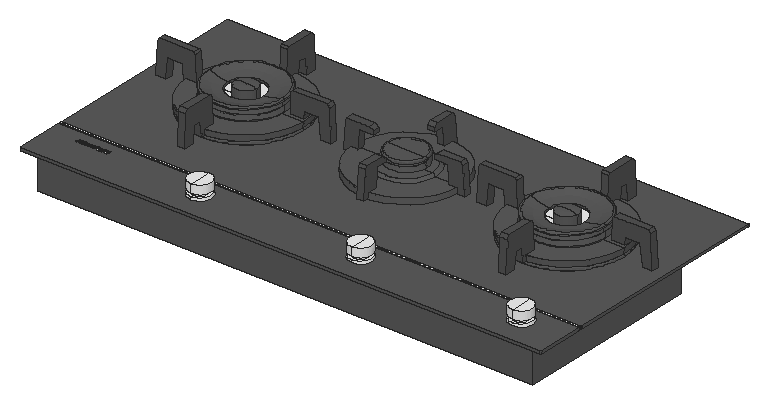
Revit family "Fisher & Paykel 90cm Gas on Glass Cooktop CG903DNGGB1", category Electrical Equipment, host Face, Revit 2013
Parameters (values of type "Fisher & Paykel 90cm Gas on Glass Cooktop CG903DNGGB1")
  Width [instance] = 900.000 mm
  URL = "http://www.fisherpaykel.com/cn/kitchen/cooking-appliances/cooktops/CG903DNGGB1/"
  Plates [instance] = Polished_Nickel
  Buttons [instance] = Polished_Chrome
  Model = "CG903DNGGB1"
  Manufacturer = "Fisher & Paykel"
  Height [instance] = 64.000 mm
  Burners [instance] = Steel, Polished
  Cooktop [instance] = Matte Black
  Description = "Fisher & Paykel 90cm Gas on Glass Cooktop CG903DNGGB1"
  Depth [instance] = 450.000 mm
  Default Elevation = 1219.200 mm
Reference planes
  plane 1 "Center (Front/Back)": y = 0
  plane 2: z = 0
  plane 3 "Center (Left/Right)": x = 0
Dimensions and locks
  aligned and locked: plane 2 to host face
  aligned and locked: level to host face
  aligned and locked: plane 3 "Center (Left/Right)" to nested 1
  aligned and locked: nested 1 to plane 2
Nested families
  nested 1: "nested CG903DNGGB1" at (0, -10.8, -60.15), type "nested CG903DNGGB1"
Definition of nested family "nested CG903DNGGB1"
  Parameters (values of type "nested CG903DNGGB1")
    Plates = Polished_Nickel
    Cooktop = Matte Black
    Buttons = Polished_Chrome
    Burners = Steel, Polished
  Reference planes
    plane 1 "Center (Front/Back)": y = 0
    plane 2: z = 0
    plane 3 "Center (Left/Right)": x = 0
    plane 4: x = -450
    plane 5: x = 450
    plane 6: y = 225
    plane 7: y = -225
    plane 8: y = -140
    plane 9: y = -137
    plane 10: x = -428
    plane 11: x = 428
    plane 12: y = -213.5
    plane 13: y = 191.9
    plane 14: z = 29
    plane 15: z = 64.15
    plane 16: z = 60.15
    plane 17: z = 60.15
    plane 18: z = 64.15
    plane 19: z = 64.15
  Forms (mm)
    Extrusion 1, solid, material "Matte Black" <- "Cooktop"
      sketch origin (0, -34.503, 0) x (1, 0, 0) y (0, 1, 0)
        loop
          line (342.43, 226.403) -> (-428, 226.403) -> (-428, -178.997) -> (428, -178.997) -> (428, 140.833) -> (342.43, 226.403)
      from 0 to 59.15
    Extrusion 2, solid, material "Steel, Polished" <- "Burners"
      sketch origin (0, 107.361, 0) x (0, 1, 0) y (0, 0, -1)
        loop
          line (-138.979, -68.35) -> (-163.145, -68.35) -> (-165.741, -93.05) -> (-178.982, -93.05) -> (-181.861, -65.65) -> (-198.861, -65.65) -> (-196.5, -119.74) -> (-193.228, -125.408) -> (-144.083, -124.785) -> (-141.309, -121.704) -> (-138.979, -68.35)
        loop
          line (21.256, -68.35) -> (23.586, -121.704) -> (26.365, -124.791) -> (75.501, -125.414) -> (78.777, -119.74) -> (81.139, -65.65) -> (64.139, -65.65) -> (61.259, -93.05) -> (48.018, -93.05) -> (45.422, -68.35) -> (21.256, -68.35)
      from 271.262 to 284.071
    Revolve 3, solid, material "Matte Black" <- "Cooktop"
      sketch origin (0, 48.516, 2.9) x (1, 0, 0) y (0, 0, 1)
        loop
          line (0, 95.93) -> (-32.001, 95.93)
          arc (-32.001, 95.93) -> (-33.904, 95.05) -> (-34.468, 93.03) r 2.5
          line (-34.468, 93.03) -> (-30.216, 93.03) -> (-31.7, 87.222) -> (0, 87.222) -> (0, 95.93)
        axis (0, 87.222) -> (0, 95.93)
      angle from 0 to 360
    Revolve 4, solid, material "Polished_Chrome" <- "Buttons"
      sketch origin (97.5, -335.2, 0) x (0, 1, 0) y (0, 0, 1)
        loop
          line (181.25, 73.7) -> (181.25, 87.8) -> (162.2, 87.8) -> (162.2, 64.15) -> (181.738, 64.15) -> (181.2, 67.7) -> (174.463, 67.7) -> (174.463, 73.7) -> (181.25, 73.7)
        axis (162.2, 64.15) -> (162.2, 87.8)
      angle from 0 to 360
    Extrusion 5, solid, material "Matte Black" <- "Cooktop"
      sketch origin (0, 0, 0.15) x (1, 0, 0) y (0, 1, 0)
        loop
          line (-450, 223) -> (-450, -135)
          arc (-450, -135) -> (-449.414, -136.414) -> (-448, -137) r 2
          line (-448, -137) -> (448, -137)
          arc (448, -137) -> (449.414, -136.414) -> (450, -135) r 2
          line (450, -135) -> (450, 223)
          arc (450, 223) -> (449.414, 224.414) -> (448, 225) r 2
          line (448, 225) -> (-448, 225)
          arc (-448, 225) -> (-449.414, 224.414) -> (-450, 223) r 2
        loop
          line (-450, -142) -> (-450, -223)
          arc (-450, -223) -> (-449.414, -224.414) -> (-448, -225) r 2
          line (-448, -225) -> (448, -225)
          arc (448, -225) -> (449.414, -224.414) -> (450, -223) r 2
          line (450, -223) -> (450, -142)
          arc (450, -142) -> (449.414, -140.586) -> (448, -140) r 2
          line (448, -140) -> (-448, -140)
          arc (-448, -140) -> (-449.414, -140.586) -> (-450, -142) r 2
      from 60 to 64
    Extrusion 6, solid, material "Matte Black" <- "Cooktop"
      sketch origin (1.569, 0, -3.945) x (1, 0, 0) y (0, 1, 0)
        loop
          line (-448.569, 222) -> (-448.569, -222) -> (445.431, -222) -> (445.431, 222) -> (-448.569, 222)
      from 63.095 to 64.095
    Extrusion 7, solid, material "Polished_Chrome" <- "Buttons"
      sketch origin (0, 0, 0.15) x (1, 0, 0) y (0, 1, 0)
        loop
          line (-449, -137) -> (-449, -140) -> (449, -140) -> (449, -137) -> (-449, -137)
      from 60.25 to 64.8
    Extrusion 8, void
      sketch origin (-449, -140, 0.15) x (-1, 0, 0) y (0, 0, 1)
        loop
          line (-1, 65.741) -> (-1, 64.8)
          arc (-1, 64.8) -> (-0.31, 64.637) -> (0, 64) r 0.827
          line (0, 64) -> (1, 64) -> (1, 65.741) -> (-1, 65.741)
      from 0 to 3
    Extrusion 9, void
      sketch origin (449, -140, 0.15) x (1, 0, 0) y (0, 0, -1)
        loop
          line (-1, -65.741) -> (1, -65.741) -> (1, -64) -> (0, -64)
          arc (0, -64) -> (-0.363, -64.572) -> (-1, -64.8) r 1.043
          line (-1, -64.8) -> (-1, -65.741)
      from 0 to 3
    Revolve 10, solid, material "Polished_Chrome" <- "Buttons"
      sketch origin (375, -335.2, 0) x (0, 1, 0) y (0, 0, 1)
        loop
          line (181.25, 73.7) -> (181.25, 87.8) -> (162.2, 87.8) -> (162.2, 64.15) -> (181.738, 64.15) -> (181.2, 67.7) -> (174.463, 67.7) -> (174.463, 73.7) -> (181.25, 73.7)
        axis (162.2, 64.15) -> (162.2, 87.8)
      angle from 0 to 360
    Revolve 11, solid, material "Polished_Chrome" <- "Buttons"
      sketch origin (-180, -335.2, 0) x (0, 1, 0) y (0, 0, 1)
        loop
          line (181.25, 73.7) -> (181.25, 87.8) -> (162.2, 87.8) -> (162.2, 64.15) -> (181.738, 64.15) -> (181.2, 67.7) -> (174.463, 67.7) -> (174.463, 73.7) -> (181.25, 73.7)
        axis (162.2, 64.15) -> (162.2, 87.8)
      angle from 0 to 360
    Revolve 12, solid, material "Matte Black" <- "Cooktop"
      sketch origin (0, 48.5, 2.013) x (1, 0, 0) y (0, 0, 1)
        loop
          line (-342.612, 89.236) -> (-344.533, 81.236) -> (-343.532, 80.236) -> (-336.426, 80.236) -> (-333.101, 78.686) -> (-333.101, 77.336) -> (-284.071, 77.336) -> (-284.071, 78.799) -> (-329.411, 78.799) -> (-329.411, 89.236) -> (-308.407, 90.705)
          arc (-308.407, 90.705) -> (-308.024, 92.016) -> (-308.436, 93.318) r 2.348
          arc (-308.436, 93.318) -> (-324.751, 95.626) -> (-340.335, 100.978) r 86.734
          arc (-340.335, 100.978) -> (-342.161, 100.358) -> (-343.233, 98.755) r 3
          line (-343.233, 98.755) -> (-343.545, 97.59) -> (-341.613, 97.072) -> (-339.25, 97.072) -> (-341.165, 89.236) -> (-342.612, 89.236)
        axis (-277.5, 77.336) -> (-277.5, 100.978)
      angle from 0 to 360
    Revolve 13, solid, material "Matte Black" <- "Cooktop"
      sketch origin (-0.002, 48.519, -0.009) x (1, 0, 0) y (0, 0, 1)
        loop
          line (-277.5, 83.259) -> (-277.5, 104.077)
          arc (-277.5, 104.077) -> (-286.965, 103.575) -> (-296.314, 102.019) r 84.649
          line (-296.314, 102.019) -> (-296.314, 83.259) -> (-277.5, 83.259)
        axis (-277.5, 83.259) -> (-277.5, 104.077)
      angle from 0 to 360
    Revolve 14, solid, material "Matte Black" <- "Cooktop"
      sketch origin (0.727, 48.073, 1.122) x (1, 0, 0) y (0, 0, 1)
        loop
          line (-376.406, 63.028) -> (-278.226, 63.028) -> (-278.226, 78.235) -> (-377.434, 78.235) -> (-376.364, 68.228) -> (-363.563, 68.228)
          arc (-363.563, 68.228) -> (-364.434, 67.073) -> (-365.811, 66.628) r 2.4
          line (-365.811, 66.628) -> (-374.826, 66.628)
          arc (-374.826, 66.628) -> (-376.523, 65.925) -> (-377.226, 64.228) r 2.4
          line (-377.226, 64.228) -> (-376.406, 64.228) -> (-376.406, 63.028)
        axis (-278.226, 63.028) -> (-278.226, 78.235)
      angle from 0 to 360
    Revolve 15, solid, material "Matte Black" <- "Cooktop"
      sketch origin (0, 48.516, 2.9) x (1, 0, 0) y (0, 0, 1)
        loop
          line (0, 62.9) -> (-54.961, 62.9) -> (-54.961, 62.05) -> (0, 62.05) -> (0, 62.9)
        axis (0, 62.05) -> (0, 63.05)
      angle from 0 to 360
    Revolve 16, solid, material "Matte Black" <- "Cooktop"
      sketch origin (555, 48.5, 2.013) x (1, 0, 0) y (0, 0, 1)
        loop
          line (-342.612, 89.236) -> (-344.533, 81.236) -> (-343.532, 80.236) -> (-336.426, 80.236) -> (-333.101, 78.686) -> (-333.101, 77.336) -> (-284.071, 77.336) -> (-284.071, 78.799) -> (-329.411, 78.799) -> (-329.411, 89.236) -> (-308.407, 90.705)
          arc (-308.407, 90.705) -> (-308.024, 92.016) -> (-308.436, 93.318) r 2.348
          arc (-308.436, 93.318) -> (-324.751, 95.626) -> (-340.335, 100.978) r 86.734
          arc (-340.335, 100.978) -> (-342.161, 100.358) -> (-343.233, 98.755) r 3
          line (-343.233, 98.755) -> (-343.545, 97.59) -> (-341.613, 97.072) -> (-339.25, 97.072) -> (-341.165, 89.236) -> (-342.612, 89.236)
        axis (-277.5, 77.336) -> (-277.5, 100.978)
      angle from 0 to 360
    Revolve 17, solid, material "Matte Black" <- "Cooktop"
      sketch origin (554.998, 48.519, -0.009) x (1, 0, 0) y (0, 0, 1)
        loop
          line (-277.5, 83.259) -> (-277.5, 104.077)
          arc (-277.5, 104.077) -> (-286.965, 103.575) -> (-296.314, 102.019) r 84.649
          line (-296.314, 102.019) -> (-296.314, 83.259) -> (-277.5, 83.259)
        axis (-277.5, 83.259) -> (-277.5, 104.077)
      angle from 0 to 360
    Revolve 18, solid, material "Matte Black" <- "Cooktop"
      sketch origin (555.727, 48.073, 1.122) x (1, 0, 0) y (0, 0, 1)
        loop
          line (-376.406, 63.028) -> (-278.226, 63.028) -> (-278.226, 78.235) -> (-377.434, 78.235) -> (-376.364, 68.228) -> (-363.563, 68.228)
          arc (-363.563, 68.228) -> (-364.434, 67.073) -> (-365.811, 66.628) r 2.4
          line (-365.811, 66.628) -> (-374.826, 66.628)
          arc (-374.826, 66.628) -> (-376.523, 65.925) -> (-377.226, 64.228) r 2.4
          line (-377.226, 64.228) -> (-376.406, 64.228) -> (-376.406, 63.028)
        axis (-278.226, 63.028) -> (-278.226, 78.235)
      angle from 0 to 360
    Extrusion 19, solid, material "Steel, Polished" <- "Burners"
      sketch origin (0, -2.247, 0) x (1, 0, 0) y (0, 0, 1)
        loop
          line (-357.618, 68.357) -> (-359.947, 121.704) -> (-362.726, 124.791) -> (-422.769, 125.577) -> (-426.138, 119.74) -> (-428.5, 65.65) -> (-411.5, 65.65) -> (-407.937, 99.548) -> (-383.052, 99.548) -> (-379.773, 68.35) -> (-357.618, 68.357)
        loop
          line (-196.533, 87.8) -> (-173.183, 87.8) -> (-171.948, 99.548) -> (-147.063, 99.548) -> (-143.505, 65.7) -> (-126.502, 65.7) -> (-128.862, 119.74) -> (-132.231, 125.577) -> (-192.274, 124.791) -> (-195.053, 121.704) -> (-196.533, 87.8)
        loop
          line (197.382, 68.36) -> (195.053, 121.704) -> (192.274, 124.791) -> (132.231, 125.577) -> (128.862, 119.74) -> (126.428, 64) -> (143.327, 64) -> (147.063, 99.548) -> (171.948, 99.548) -> (175.227, 68.35) -> (197.382, 68.36)
        loop
          line (358.467, 87.8) -> (381.817, 87.8) -> (383.052, 99.548) -> (407.937, 99.548) -> (411.673, 64) -> (428.572, 64) -> (426.138, 119.74) -> (422.769, 125.577) -> (362.726, 124.791) -> (359.947, 121.704) -> (358.467, 87.8)
      from -56.594 to -44.899
    Extrusion 20, solid, material "Steel, Polished" <- "Burners"
      sketch origin (0, -2.247, -5.068) x (1, 0, 0) y (0, 0, 1)
        loop
          line (-104.965, 70.018) -> (-79.826, 70.018) -> (-76.36, 110.118) -> (-52.5, 110.118) -> (-52.5, 116.266) -> (-59.143, 120.965) -> (-98.128, 121.521) -> (-100.875, 116.762) -> (-104.965, 70.018)
      from -56.594 to -44.899
    Extrusion 21, solid, material "Steel, Polished" <- "Burners"
      sketch origin (555.167, 107.361, 0) x (0, 1, 0) y (0, 0, -1)
        loop
          line (-138.979, -68.35) -> (-163.145, -68.35) -> (-165.741, -93.05) -> (-178.982, -93.05) -> (-181.861, -65.65) -> (-198.861, -65.65) -> (-196.5, -119.74) -> (-193.228, -125.408) -> (-144.083, -124.785) -> (-141.309, -121.704) -> (-138.979, -68.35)
        loop
          line (21.256, -68.35) -> (23.586, -121.704) -> (26.365, -124.791) -> (75.501, -125.414) -> (78.777, -119.74) -> (81.139, -65.65) -> (64.139, -65.65) -> (61.259, -93.05) -> (48.018, -93.05) -> (45.422, -68.35) -> (21.256, -68.35)
      from 271.262 to 284.071
    Revolve 22, solid, material "Matte Black" <- "Cooktop"
      sketch origin (388.221, -11.1, 0) x (0, 1, 0) y (0, 0, 1)
        loop
          line (167.75, 19.22) -> (168.75, 20.22) -> (168.75, 22.242) -> (168.85, 21.4)
          arc (168.85, 21.4) -> (169.167, 20.788) -> (169.85, 20.693) r 0.75
          arc (169.85, 20.693) -> (170.533, 20.788) -> (170.85, 21.4) r 0.75
          line (170.85, 21.4) -> (170.85, 29.65) -> (148.75, 29.65) -> (148.75, 19.65) -> (149.75, 18.65) -> (155.75, 18.65) -> (155.75, 20.4) -> (158.75, 20.4) -> (159.431, 19.22) -> (167.75, 19.22)
        axis (148.75, 29.65) -> (170.85, 29.65)
      angle from 0 to 360
    Extrusion 23, solid, material "Steel, Polished" <- "Burners"
      sketch origin (0, -2.247, -5.068) x (-1, 0, 0) y (0, 0, -1)
        loop
          line (-104.965, -70.018) -> (-100.875, -116.762) -> (-98.128, -121.521) -> (-59.143, -120.965) -> (-52.5, -116.266) -> (-52.5, -110.118) -> (-76.36, -110.118) -> (-79.826, -70.018) -> (-104.965, -70.018)
      from -56.594 to -44.899
    Extrusion 24, solid, material "Steel, Polished" <- "Burners"
      sketch origin (50.747, 48.5, -5.068) x (0, 1, 0) y (0, 0, 1)
        loop
          line (-100.107, 69.598) -> (-74.968, 69.598) -> (-71.466, 110.118) -> (-52.5, 110.118) -> (-52.5, 116.266) -> (-59.143, 120.965) -> (-93.069, 121.449) -> (-96.017, 116.342) -> (-100.107, 69.598)
      from -56.594 to -44.899
    Extrusion 25, solid, material "Steel, Polished" <- "Burners"
      sketch origin (50.747, 48.5, -5.068) x (0, -1, 0) y (0, 0, -1)
        loop
          line (-100.112, -69.598) -> (-96.022, -116.342) -> (-93.074, -121.449) -> (-59.143, -120.965) -> (-52.5, -116.266) -> (-52.5, -110.118) -> (-71.471, -110.118) -> (-74.973, -69.598) -> (-100.112, -69.598)
      from -56.594 to -44.899
    Revolve 26, solid, material "Matte Black" <- "Cooktop"
      sketch origin (0, 48.516, 2.9) x (1, 0, 0) y (0, 0, 1)
        loop
          line (-32.443, 87.222) -> (-34.193, 79.93) -> (-19.885, 79.93) -> (-19.885, 75.25) -> (-44.499, 75.25) -> (-49.778, 71.65) -> (-91.102, 71.65) -> (-91.763, 62.05) -> (0, 62.05) -> (0, 87.222) -> (-32.443, 87.222)
        axis (0, 62.05) -> (0, 87.222)
      angle from 0 to 360
  Cuts and joins
    Extrusion 8, Extrusion 9 cuts Extrusion 7
  Dimensions and locks
    plane 4 to plane 5 = 900.000 mm
    plane 7 to plane 6 = 450.000 mm
    plane 7 to plane 8 = 85.000 mm
    plane 9 to plane 6 = 362.000 mm
    plane 10 to plane 11 = 856.000 mm
    plane 13 to plane 12 = 405.400 mm
    plane 13 to plane 1 "Center (Front/Back)" to plane 12 = 191.900 mm, 213.500 mm
    aligned and locked: level to plane 2
    aligned and locked: plane 13 to Extrusion 1
    aligned and locked: Extrusion 1 to plane 12
  Nested families
    nested 1: "Fisher&Pakel logo" at (-372.527, -162.691, 63.85), type "Fisher&Pakel logo"
  Definition of nested family "Fisher&Pakel logo"
    Parameters (values of type "Fisher&Pakel logo")
      Logo = Steel, Galvanized
      Default Elevation = 1219.200 mm
    Reference planes
      plane 1 "Center (Front/Back)": y = 0
      plane 2: z = 0
      plane 3 "Center (Left/Right)": x = 0
      plane 4: z = 1
    Forms (mm)
      Extrusion 1, solid
        sketch origin (0, 0, 0) x (1, 0, 0) y (0, 1, 0)
          loop
            line (-1219.2, 1219.2) -> (-1219.2, -1219.2) -> (1219.2, -1219.2) -> (1219.2, 1219.2) -> (-1219.2, 1219.2)
        from 0 to -304.8
      Extrusion 2, solid, material "Steel, Galvanized" <- "Logo"
        sketch origin (0, 0, 0) x (1, 0, 0) y (0, 1, 0)
          loop
            line (-27.081, 3.71) -> (-28.473, -1.511) -> (-27.22, -1.511) -> (-26.653, 0.634) -> (-23.745, 0.634) -> (-23.52, 1.465) -> (-26.431, 1.465) -> (-26.056, 2.88) -> (-22.991, 2.88) -> (-22.767, 3.71) -> (-27.081, 3.71)
          loop
            line (-22.832, 2.144) -> (-23.798, -1.511) -> (-22.693, -1.511) -> (-21.724, 2.144) -> (-22.832, 2.144)
          loop
            line (-22.612, 2.96) -> (-21.508, 2.96) -> (-21.295, 3.75) -> (-22.398, 3.75) -> (-22.612, 2.96)
          loop
            spline (-17.569, 1.234) -> (-17.567, 1.866) -> (-17.839, 2.101) -> (-18.167, 2.208) -> (-18.526, 2.249) -> (-18.992, 2.259) -> (-19.504, 2.239) -> (-19.991, 2.199) -> (-20.389, 2.157) -> (-20.722, 2.087) -> (-21.047, 1.939) -> (-21.356, 1.646) -> (-21.633, 1.004)
            spline (-21.633, 1.004) -> (-21.571, 0.369) -> (-21.343, 0.173) -> (-21.02, 0.073) -> (-20.635, 0.011) -> (-20.232, -0.024) -> (-19.824, -0.044) -> (-19.433, -0.069) -> (-19.169, -0.15) -> (-19.063, -0.4) -> (-19.129, -0.706) -> (-19.426, -0.902) -> (-20.341, -0.974)
            arc (-20.341, -0.974) -> (-20.839, -0.806) -> (-21.221, -0.445) r 1.229
            line (-21.221, -0.445) -> (-22.02, -0.362)
            spline (-22.02, -0.362) -> (-21.766, -1.276) -> (-20.894, -1.498) -> (-19.865, -1.521) -> (-18.906, -1.421) -> (-18.145, -0.982) -> (-17.807, -0.222) -> (-17.989, 0.417) -> (-18.889, 0.695) -> (-19.995, 0.779) -> (-20.595, 1.054) -> (-20.13, 1.496) -> (-18.475, 1.234)
            line (-18.475, 1.234) -> (-17.569, 1.234)
          loop
            line (-15.256, 3.71) -> (-16.362, 3.71) -> (-17.75, -1.511) -> (-16.644, -1.511) -> (-16.044, 0.757)
            arc (-16.044, 0.757) -> (-14.915, 1.413) -> (-14.259, 0.284) r 0.923
            line (-14.259, 0.284) -> (-14.735, -1.511) -> (-13.631, -1.511) -> (-12.822, 1.544)
            arc (-12.822, 1.544) -> (-14.327, 2.224) -> (-15.832, 1.544) r 2.006
            line (-15.832, 1.544) -> (-15.256, 3.71)
          loop
            spline (-8.56, 0.155) -> (-8.424, 1.598) -> (-9.016, 2.095) -> (-10.001, 2.195) -> (-10.983, 2.147) -> (-11.821, 1.851) -> (-12.37, 1.214) -> (-12.712, 0.255) -> (-12.806, -0.678) -> (-12.434, -1.28) -> (-11.483, -1.556) -> (-10.368, -1.543) -> (-8.985, -1)
            line (-8.985, -1) -> (-8.533, -0.354) -> (-9.752, -0.354)
            spline (-9.752, -0.354) -> (-9.925, -0.591) -> (-10.156, -0.74) -> (-10.394, -0.83) -> (-10.625, -0.877) -> (-10.854, -0.89) -> (-11.084, -0.878) -> (-11.305, -0.843) -> (-11.494, -0.782) -> (-11.634, -0.691) -> (-11.72, -0.558) -> (-11.745, -0.342) -> (-11.653, 0.155)
            line (-11.653, 0.155) -> (-8.56, 0.155)
          loop
            line (-11.498, 0.702) -> (-9.5, 0.702)
            spline (-9.5, 0.702) -> (-9.446, 1.199) -> (-9.552, 1.412) -> (-9.714, 1.499) -> (-9.895, 1.549) -> (-10.103, 1.577) -> (-10.344, 1.579) -> (-10.602, 1.558) -> (-10.856, 1.511) -> (-11.071, 1.429) -> (-11.227, 1.304) -> (-11.355, 1.123) -> (-11.498, 0.702)
          loop
            line (-7.497, 2.416) -> (-8.54, -1.511) -> (-7.434, -1.511) -> (-6.847, 0.702)
            spline (-6.847, 0.702) -> (-6.693, 0.984) -> (-6.526, 1.173) -> (-6.361, 1.292) -> (-6.209, 1.363) -> (-6.073, 1.402) -> (-5.95, 1.418) -> (-5.835, 1.422) -> (-5.724, 1.408) -> (-5.616, 1.357) -> (-5.512, 1.249) -> (-5.448, 1.052) -> (-5.478, 0.729)
            line (-5.478, 0.729) -> (-4.438, 0.729)
            spline (-4.438, 0.729) -> (-4.352, 1.134) -> (-4.361, 1.425) -> (-4.439, 1.644) -> (-4.565, 1.815) -> (-4.726, 1.942) -> (-4.912, 2.028) -> (-5.117, 2.076) -> (-5.346, 2.087) -> (-5.601, 2.065) -> (-5.89, 2.002) -> (-6.23, 1.87) -> (-6.638, 1.638)
            line (-6.638, 1.638) -> (-6.37, 2.416) -> (-7.497, 2.416)
          loop
            spline (-1.515, 1.066) -> (-0.326, 1.281) -> (0.3, 1.631) -> (0.593, 2.447) -> (0.319, 3.01) -> (-0.42, 3.184) -> (-1.253, 3.198) -> (-2.054, 3.074) -> (-2.69, 2.661) -> (-2.96, 1.978) -> (-2.764, 1.221) -> (-3.3, 1.046) -> (-4.184, 0.062)
            spline (-4.184, 0.062) -> (-4.205, -0.934) -> (-3.994, -1.259) -> (-3.741, -1.392) -> (-3.473, -1.468) -> (-3.177, -1.514) -> (-2.858, -1.541) -> (-2.52, -1.553) -> (-2.142, -1.549) -> (-1.697, -1.526) -> (-1.169, -1.467) -> (-0.582, -1.297) -> (0.03, -0.932)
            line (0.03, -0.932) -> (0.796, -1.553) -> (1.353, -0.996) -> (0.391, -0.479) -> (0.828, 0.41) -> (0.02, 0.76) -> (-0.132, -0.054) -> (-1.515, 1.066)
          loop
            spline (-2.294, 0.918) -> (-3.086, 0.712) -> (-3.327, 0.444) -> (-3.493, 0.015) -> (-3.578, -0.399) -> (-3.567, -0.707) -> (-3.423, -0.947) -> (-3.175, -1.044) -> (-2.805, -1.09) -> (-2.296, -1.113) -> (-1.639, -1.102) -> (-0.933, -0.979) -> (-0.389, -0.598)
            line (-0.389, -0.598) -> (-2.294, 0.918)
          loop
            line (1.552, -1.511) -> (2.805, -1.511) -> (3.253, 0.17) -> (5.267, 0.17)
            spline (5.267, 0.17) -> (6.21, 0.287) -> (6.717, 0.458) -> (7.028, 0.687) -> (7.262, 0.969) -> (7.446, 1.293) -> (7.597, 1.642) -> (7.709, 1.995) -> (7.775, 2.337) -> (7.788, 2.686) -> (7.726, 3.071) -> (7.387, 3.446) -> (6.417, 3.71)
            line (6.417, 3.71) -> (2.941, 3.71) -> (1.552, -1.511)
          loop
            line (3.975, 2.88) -> (3.485, 1.039) -> (5.267, 1.039)
            spline (5.267, 1.039) -> (5.765, 1.105) -> (6.07, 1.272) -> (6.239, 1.497) -> (6.327, 1.733) -> (6.385, 1.942) -> (6.428, 2.116) -> (6.452, 2.264) -> (6.455, 2.396) -> (6.426, 2.522) -> (6.346, 2.654) -> (6.128, 2.785) -> (5.602, 2.88)
            line (5.602, 2.88) -> (3.975, 2.88)
          loop
            line (7.667, 1.172) -> (8.757, 1.172)
            arc (8.757, 1.172) -> (9.622, 1.525) -> (10.5, 1.208) r 1.303
            line (10.5, 1.208) -> (10.269, 0.34)
            spline (10.269, 0.34) -> (9.256, 0.702) -> (8.494, 0.682) -> (7.918, 0.548) -> (7.423, 0.27) -> (7.072, -0.159) -> (6.958, -0.745) -> (7.139, -1.223) -> (7.588, -1.488) -> (8.209, -1.554) -> (8.873, -1.506) -> (9.489, -1.365) -> (10.186, -0.725)
            line (10.186, -0.725) -> (9.853, -1.511) -> (10.957, -1.511) -> (11.616, 0.965)
            spline (11.616, 0.965) -> (11.483, 1.707) -> (11.193, 1.981) -> (10.89, 2.109) -> (10.587, 2.181) -> (10.261, 2.215) -> (9.914, 2.219) -> (9.562, 2.197) -> (9.211, 2.151) -> (8.844, 2.073) -> (8.443, 1.955) -> (8.029, 1.71) -> (7.667, 1.172)
          loop
            spline (8.255, -0.829) -> (8.615, -0.939) -> (8.92, -0.988) -> (9.177, -0.987) -> (9.393, -0.944) -> (9.574, -0.867) -> (9.727, -0.766) -> (9.859, -0.649) -> (9.97, -0.522) -> (10.046, -0.386) -> (10.073, -0.24) -> (10.034, -0.086) -> (9.916, 0.078)
            spline (9.916, 0.078) -> (9.548, 0.131) -> (9.254, 0.151) -> (9.021, 0.145) -> (8.835, 0.122) -> (8.683, 0.088) -> (8.554, 0.045) -> (8.442, -0.011) -> (8.338, -0.084) -> (8.237, -0.179) -> (8.161, -0.316) -> (8.153, -0.523) -> (8.255, -0.829)
          loop
            line (11.888, 2.144) -> (12.397, -1.368) -> (13.407, -1.368) -> (12.778, -1.997) -> (11.605, -2.48) -> (11.394, -3.273)
            spline (11.394, -3.273) -> (11.615, -3.265) -> (11.838, -3.242) -> (12.062, -3.2) -> (12.287, -3.14) -> (12.512, -3.058) -> (12.735, -2.954) -> (12.955, -2.825) -> (13.172, -2.671) -> (13.385, -2.489) -> (13.593, -2.278) -> (13.795, -2.037) -> (13.989, -1.763)
            line (13.989, -1.763) -> (16.235, 2.144) -> (15.158, 2.144) -> (13.378, -0.954) -> (13.064, 2.144) -> (11.888, 2.144)
          loop
            line (16.903, 3.71) -> (15.517, -1.511) -> (16.466, -1.511) -> (16.885, 0.071) -> (17.68, 0.071) -> (18.375, -1.511) -> (19.73, -1.511) -> (18.345, 0.434) -> (20.378, 2.144) -> (18.921, 2.144) -> (17.089, 0.839) -> (17.851, 3.71) -> (16.903, 3.71)
          loop
            spline (24.015, 0.155) -> (24.151, 1.598) -> (23.56, 2.095) -> (22.575, 2.195) -> (21.592, 2.147) -> (20.754, 1.851) -> (20.205, 1.214) -> (19.864, 0.255) -> (19.769, -0.678) -> (20.142, -1.28) -> (21.092, -1.556) -> (22.207, -1.543) -> (23.59, -1)
            line (23.59, -1) -> (24.042, -0.354) -> (22.824, -0.354)
            spline (22.824, -0.354) -> (22.65, -0.591) -> (22.42, -0.74) -> (22.181, -0.83) -> (21.95, -0.877) -> (21.722, -0.89) -> (21.491, -0.878) -> (21.27, -0.843) -> (21.081, -0.782) -> (20.942, -0.691) -> (20.856, -0.558) -> (20.83, -0.342) -> (20.922, 0.155)
            line (20.922, 0.155) -> (24.015, 0.155)
          loop
            line (21.078, 0.702) -> (23.076, 0.702)
            spline (23.076, 0.702) -> (23.13, 1.199) -> (23.023, 1.412) -> (22.861, 1.499) -> (22.68, 1.549) -> (22.472, 1.577) -> (22.231, 1.579) -> (21.973, 1.558) -> (21.719, 1.511) -> (21.505, 1.429) -> (21.348, 1.304) -> (21.22, 1.123) -> (21.078, 0.702)
          loop
            line (25.419, 3.71) -> (24.03, -1.511) -> (25.137, -1.511) -> (26.527, 3.71) -> (25.419, 3.71)
        from 0 to 1
    Dimensions and locks
      plane 4 to Extrusion 1 = 1.000 mm
      aligned and locked: plane 2 to Extrusion 1
      aligned and locked: level to Extrusion 1
      aligned and locked: plane 4 to Extrusion 2
